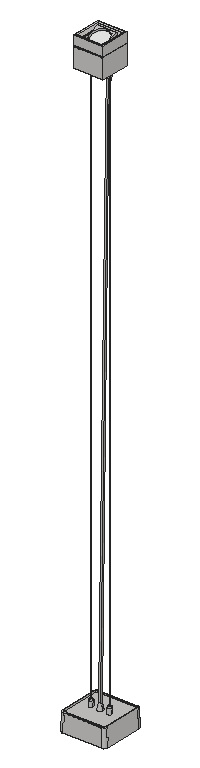
Revit family "Lighting-Luminii-Leto_44_P_A_SML new", category Lighting Fixtures, host Face, Revit 2020
Family settings
  Host = Face
  Round Connector Dimension = Use Diameter
  Part Type = Normal
  OmniClass Number = 23.80.70.11.14.11
  OmniClass Title = Downlights
  Cut with Voids When Loaded = No
  Light Source = Yes
  Shared = Yes
  Room Calculation Point = No
Parameters (values of type "Leto 44 P A SML")
  Width = 0' - 3 189/256"  # constant formula
  Wattage Comments = "6.5W"
  Wattage = 6.49954 W
  Warranty URL = "https://www.luminii.com/terms-conditions/"
  built-in parameter 1150110 = 1 (stored number, unit not read)
  Voltage Comments = "120V | 277V | 347V"  # constant formula
  Voltage = 120 V
  Version = "2020 - v1.0a"  # constant formula
  URL = "https://www.luminii.com/"
  built-in parameter 1114217 = 1 (stored number, unit not read)
  Tilt Angle = -90.00°  # constant formula
  built-in parameter 1150109 = 1 (stored number, unit not read)
  built-in parameter 1150134 = (empty or 0)
  built-in parameter 1150113 = 1 (stored number, unit not read)
  Support Phone = "224-699-9545"  # constant formula
  Support Email = "mailto:support@bimsmith.com"
  Product Page URL = "https://www.luminii.com/product/leto-44-p-a-sml/"
  Power Source Type = "Driver"  # constant formula
  Power Factor = 1
  Photometric Web File = "700A-A90-615-30-07-00.ies"
  Phase = 1
  Operating Temperature = "Consult Manufacturer Website for more Information"  # constant formula
  Number of Poles = if(and(or(Voltage = 120 V, Voltage = 277 V), Phase = 1), 1, if(and(or(Voltage = 208 V, Voltage = 240 V), Phase = 1), 2, if(and(or(Voltage = 208 V, Voltage = 240 V), Phase = 3), 3, if(and(Voltage > 300 V, Phase = 1), 2, if(and(Voltage > 400 V, Phase = 3), 3, 1)))))  # 1
  Mounting Method = "Ceiling Mount"  # constant formula
  Model = "700A"  # constant formula
  Manufacturer Phone Number = "403-216-7043"  # constant formula
  Manufacturer Email = "mailto: info@sensolighting.com"
  Manufacturer Address = "302 50 Ave SE. Calgary, Alberta, T2G 2A9 Canada"  # constant formula
  Manufacturer = "Luminii"  # constant formula
  built-in parameter 1150105 = 55.704 (stored number, unit not read)
  Lumens = 700 lm
  Luminaire Type = "Asymmetric LED Pendant Downlight"  # constant formula
  built-in parameter 1150115 = 1 (stored number, unit not read)
  Load Classification = Lighting
  built-in parameter 1150137 = (empty or 0)
  built-in parameter 1150139 = (empty or 0)
  Lens Material = Plastic - Luminii - Frosted Lens
  built-in parameter 1150112 = 1 (stored number, unit not read)
  built-in parameter 1150114 = 1 (stored number, unit not read)
  Lamp Life = 1
  Lamp = "LED"  # constant formula
  Keynote = "26 50 00"
  built-in parameter 1150132 = 2
  built-in parameter 1150102 = (empty or 0)
  built-in parameter 1150107 = 3500 (stored number, unit not read)
  Initial Color Comments = "Perfomance based on 3500K Photometric Web File"  # constant formula
  built-in parameter 1150138 = (empty or 0)
  built-in parameter 1150106 = 0.55704 (stored number, unit not read)
  Housing Protection Rating = "Consult Manufacturer Website for more Information"  # constant formula
  Height = 0' - 3 189/256"  # constant formula
  Has Dimming = 1 = 1  # yes
  Has Battery Backup = 0 = 1  # no
  Frequency Comments = ""  # constant formula
  Frequency = 60 Hz
  Finish = Metal - Luminii - Silver Anodized Aluminum
  Environment = "Indoor"  # constant formula
  built-in parameter 1150104 = 10.006 (stored number, unit not read)
  Dimming Type = "Consult Manufacturer Website for more Information"  # constant formula
  Dimming Lamp Color Temperature Shift = <None>
  Description = "Asymmetric LED Pendant Downlight"  # constant formula
  Depth = 0' - 3 189/256"  # constant formula
  Default Elevation = 0' - 0"  # constant formula
  Current Amps = 50 A
  Copyright = "©2024 Luminii"  # constant formula
  Control Zone = "Consult Manufacturer Website for more Information"  # constant formula
  Control Type = "Consult Manufacturer Website for more Information"  # constant formula
  Constraints = 1  # constant formula
  Color Filter = 16777215
  built-in parameter 1114216 [instance] = 0  # (empty or 0)
  Canopy Finish = Metal - Luminii - Silver Anodized Aluminum
  built-in parameter 1140040 [instance] = 1 = 1  # 1
  CCT = "3500K"
  C Canopy Offset [instance] = 0' - 2 9/32"  # constant formula
  Desired Cable Length [instance] = 6' - 0"
  built-in parameter 1114218 = 1 (stored number, unit not read)
  built-in parameter 1150133 = 10 (stored number, unit not read)
  Assembly Code = "D5020200"
  Apparent Load = Wattage / Power Factor  # 6.49954 VA
  Actual Cable Length [instance] = if(Desired Cable Length < 1' 0", 1' 0", if(Desired Cable Length > 8' 0", 8' 0", Desired Cable Length))  # 6' - 0"
Reference planes (in)
  plane 1 "Center (Front/Back)": y = 0
  plane 2: z = 0
  plane 3 "Center (Left/Right)": x = 0
  plane 4: x = 0
  plane 5: x = 0
  plane 6: y = 1.86914
  plane 7: y = -1.86914
  plane 8 "B": z = 2.28125
  plane 9 "A": z = 74.28125
  plane 10: z = 78.01953
Forms (in)
  Extrusion 1, solid, material "Metal - Luminii - Silver Anodized Aluminum", not visible
    sketch origin (0, 0, 0) x (1, 0, 0) y (0, 1, 0)
      loop
        circle (0, 0) r 0.5
    from 0 to -0.17225
  Blend 2, solid, material "Metal - Luminii - Silver Anodized Aluminum"
    base sketch origin (0, 0, 2.99287) x (-1, 0, 0) y (0, -1, 0)
      loop
        circle (0, 0) r 0.115
    top sketch origin (0, 0, 2.99287) x (-1, 0, 0) y (0, -1, 0)
      loop
        circle (0, -1.1811) r 0.115
    from 0 to 71.75019
Dimensions and locks (in)
  equal spacing: plane 4, plane 3 "Center (Left/Right)", plane 5
  equal spacing: plane 6, plane 1 "Center (Front/Back)", plane 7
  plane 4 to plane 5 = 0' - 0"
  "Width": plane 6 to plane 7
  "C Canopy Offset": plane 8 "B" to host face
  "Actual Cable Length": plane 9 "A" to plane 8 "B"
  "Height": plane 10 to plane 9 "A"
  locked: plane 10 to imposter light at 0.57739
  aligned and locked: plane 2 to host face
  aligned and locked: plane 3 "Center (Left/Right)" to Extrusion 1 sketch curve
  aligned and locked: plane 1 "Center (Front/Back)" to Extrusion 1 sketch curve
  aligned and locked: plane 2 to Extrusion 1  (x2)
  aligned and locked: imposter light to plane 3 "Center (Left/Right)"
  aligned and locked: imposter light to plane 1 "Center (Front/Back)"
  aligned and locked: plane 3 "Center (Left/Right)" to nested 1
  aligned and locked: plane 1 "Center (Front/Back)" to nested 1
  aligned and locked: plane 3 "Center (Left/Right)" to nested 2
  aligned and locked: nested 2 to plane 1 "Center (Front/Back)"
  aligned and locked: Blend 2 to nested 1
Automatic sketch dimensions
  host sketch curve to host sketch curve = 8' - 0"  (x2)
  radius of Extrusion 1 sketch curve = 0' - 0 1/2"
Nested families (in)
  nested 1: "Nested - Lamp" at (0, 0, 74.28125), type "Nested - Lamp"
  nested 2: "Nested - Canopy" at (0, 0, 0) x (0, 1, 0) z (0, 0, 1), type "Default"
Connectors (in)
  electrical at (0, 0, 0), driven by "Number of Poles", driven by "Load Classification", driven by "Voltage", driven by "Apparent Load", driven by "Power Factor"
    settings: on Extrusion 1, index 1, voltage 120 V, apparent load 6.49954 VA, apparent load phase1 0 VA, apparent load phase2 0 VA, apparent load phase3 0 VA, power factor 1, load classification "Lighting", number of poles 1, system type 30, power factor state 1, is connector primary yes, connector utility no, sub classification motor no, connector description "Power Connection"
Definition of nested family "Nested - Lamp"
  Parameters (values of type "Nested - Lamp")
    Width = 0' - 3.74016"  # constant formula
    Screen Material = none
    Inner Screen = none
    Height = 0' - 6.49606"  # constant formula
    Finish = none
    Default Elevation = 4' - 0"
    Constraint = 3
  Reference planes (in)
    plane 1 "Center (Front/Back)": y = 0
    plane 2: z = 0
    plane 3 "Center (Left/Right)": x = 0
    plane 4: y = 1.87008
    plane 5: y = -1.87008
    plane 6: x = -1.87008
    plane 7: x = 1.87008
  Forms (in)
    Extrusion 1, solid
      sketch origin (0, 0, 0) x (1, 0, 0) y (0, 1, 0)
        loop
          line (-48, 48) -> (-48, -48) -> (48, -48) -> (48, 48) -> (-48, 48)
      from 0 to -12
    Sweep 2, solid, material <- "Finish", detail levels medium+fine
      path origin (-0.03362, 1.25, 6.49606) x (0, 1, 0) y (-1, 0, 0)
        loop
          line (0.62008, -1.9037) -> (0.62008, 1.83645) -> (-3.12008, 1.83645) -> (-3.12008, -1.9037) -> (0.62008, -1.9037)
      profile origin (1.87008, 0, 6.49606) x (1, 0, 0) y (0, 0, 1)
        loop
          line (0, -6.49606) -> (0, -4.03543) -> (-0.07874, -4.03543) -> (-0.07874, -3.91732) -> (0, -3.91732) -> (0, -2.75591) -> (-0.10635, -2.75591) -> (-0.27543, -2.80657) -> (-0.47227, -3.14961) -> (-0.53051, -3.14961) -> (-0.54899, -3.3608)
          arc (-0.54899, -3.3608) -> (-0.57675, -3.3821) -> (-0.60039, -3.3563) r 0.0259
          line (-0.60039, -3.3563) -> (-0.63719, -3.09449) -> (-0.68091, -3.09449) -> (-0.72263, -3.1105) -> (-0.72263, -3.55097) -> (-0.21654, -3.55097) -> (-0.21654, -6.29921) -> (-0.07874, -6.29921) -> (-0.07874, -6.49606) -> (0, -6.49606)
    Extrusion 3, solid, material <- "Screen Material"
      sketch origin (0, 0.08395, 3.01723) x (1, 0, 0) y (0, 0.951057, 0.309017)
        loop
          circle (0, 0) r 1.10584
      from 0.14567 to 0.15757
    Extrusion 4, solid, material <- "Finish"
      sketch origin (1.59205, 1.40403, 4.10642) x (0, -0.951057, -0.309017) y (1, 0, 0)
        loop
          circle (1.59205, -1.59205) r 1.14745
        loop
          line (2.78122, -2.78122) -> (2.78122, -0.40289) -> (0.40289, -0.40289) -> (0.40289, -2.78122) -> (2.78122, -2.78122)
      from -0.48228 to -0.23031
    Extrusion 5, solid, material <- "Finish"
      sketch origin (1.59205, 1.40403, 4.10642) x (0, -0.951057, -0.309017) y (1, 0, 0)
        loop
          circle (1.59205, -1.59205) r 1.14745
      from -0.48228 to -0.62795
    Extrusion 6, solid, material <- "Finish"
      sketch origin (-0.03362, 1.25, 8.28705) x (0, 1, 0) y (-1, 0, 0)
        loop
          line (-3.06102, -1.84465) -> (0.56102, -1.84465) -> (0.56102, 1.7774) -> (-3.06102, 1.7774) -> (-3.06102, -1.84465)
        loop
          line (-2.4311, -0.30922) -> (-1.84055, -0.30922)
          arc (-1.84055, -0.30922) -> (-1.61784, -0.40147) -> (-1.52559, -0.62418) r 0.31496
          line (-1.52559, -0.62418) -> (-1.52559, -1.21473)
          arc (-1.52559, -1.21473) -> (-1.25, -1.49032) -> (-0.97441, -1.21473) r 0.27559
          line (-0.97441, -1.21473) -> (-0.97441, -0.62418)
          arc (-0.97441, -0.62418) -> (-0.88216, -0.40147) -> (-0.65945, -0.30922) r 0.31496
          line (-0.65945, -0.30922) -> (-0.0689, -0.30922)
          arc (-0.0689, -0.30922) -> (0.20669, -0.03362) -> (-0.0689, 0.24197) r 0.27559
          line (-0.0689, 0.24197) -> (-0.65945, 0.24197)
          arc (-0.65945, 0.24197) -> (-0.88216, 0.33422) -> (-0.97441, 0.55693) r 0.31496
          line (-0.97441, 0.55693) -> (-0.97441, 1.14748)
          arc (-0.97441, 1.14748) -> (-1.25, 1.42307) -> (-1.52559, 1.14748) r 0.27559
          line (-1.52559, 1.14748) -> (-1.52559, 0.55693)
          arc (-1.52559, 0.55693) -> (-1.61784, 0.33422) -> (-1.84055, 0.24197) r 0.31496
          line (-1.84055, 0.24197) -> (-2.4311, 0.24197)
          arc (-2.4311, 0.24197) -> (-2.70669, -0.03362) -> (-2.4311, -0.30922) r 0.27559
      from -8.1649 to -8.0902
    Extrusion 7, solid, material <- "Finish"
      sketch origin (-0.03362, 1.25, 8.28705) x (0, 1, 0) y (-1, 0, 0)
        loop
          line (-3.06102, -1.84465) -> (0.56102, -1.84465) -> (0.56102, 1.7774) -> (-3.06102, 1.7774) -> (-3.06102, -1.84465)
        loop
          arc (-0.48507, -0.44078) -> (-0.38346, -0.03362) -> (-0.48507, 0.37353) r 0.86654
          arc (-0.48507, 0.37353) -> (-0.58858, 0.40015) -> (-0.62431, 0.29942) r 0.07918
          arc (-0.62431, 0.29942) -> (-0.5412, -0.03362) -> (-0.62431, -0.36667) r 0.7088
          arc (-0.62431, -0.36667) -> (-0.58858, -0.4674) -> (-0.48507, -0.44078) r 0.07918
        loop
          arc (-2.01493, -0.44078) -> (-1.91142, -0.4674) -> (-1.87569, -0.36667) r 0.07918
          arc (-1.87569, -0.36667) -> (-1.9588, -0.03362) -> (-1.87569, 0.29942) r 0.7088
          arc (-1.87569, 0.29942) -> (-1.91142, 0.40015) -> (-2.01493, 0.37353) r 0.07918
          arc (-2.01493, 0.37353) -> (-2.11654, -0.03362) -> (-2.01493, -0.44078) r 0.86654
        loop
          arc (-1.65716, 0.73131) -> (-1.68378, 0.62779) -> (-1.58304, 0.59206) r 0.07918
          arc (-1.58304, 0.59206) -> (-1.25, 0.67518) -> (-0.91696, 0.59206) r 0.7088
          arc (-0.91696, 0.59206) -> (-0.81622, 0.62779) -> (-0.84284, 0.73131) r 0.07918
          arc (-0.84284, 0.73131) -> (-1.25, 0.83292) -> (-1.65716, 0.73131) r 0.86654
        loop
          arc (-1.65716, -0.79856) -> (-1.25, -0.90017) -> (-0.84284, -0.79856) r 0.86654
          arc (-0.84284, -0.79856) -> (-0.81622, -0.69504) -> (-0.91696, -0.65931) r 0.07918
          arc (-0.91696, -0.65931) -> (-1.25, -0.74243) -> (-1.58304, -0.65931) r 0.7088
          arc (-1.58304, -0.65931) -> (-1.68378, -0.69504) -> (-1.65716, -0.79856) r 0.07918
      from -7.77524 to -7.71544
    Revolve 8, solid
      sketch origin (0, 0, 0) x (1, 0, 0) y (0, 0, 1)
        loop
          line (-1.17126, -1.14219) -> (-1.0627, -1.14219) -> (-1.0627, -0.70819) -> (-0.97426, -0.70819) -> (-0.97426, 0.51181) -> (-1.17126, 0.51181) -> (-1.17126, -1.14219)
        axis (-1.17126, -1.14219) -> (-1.17126, 0.51181)
      angle from 0 to 360
    Revolve 9, solid
      sketch origin (0, 0, 0) x (-1, 0, 0) y (0, 0, 1)
        loop
          line (-1.17126, -1.14219) -> (-1.0627, -1.14219) -> (-1.0627, -0.70819) -> (-0.97426, -0.70819) -> (-0.97426, 0.51181) -> (-1.17126, 0.51181) -> (-1.17126, -1.14219)
        axis (-1.17126, -1.14219) -> (-1.17126, 0.51181)
      angle from 0 to 360
    Sweep 10, solid, material <- "Finish", detail levels coarse
      path origin (-0.03362, 1.25, 6.49606) x (0, 1, 0) y (-1, 0, 0)
        loop
          line (0.62008, -1.9037) -> (0.62008, 1.83645) -> (-3.12008, 1.83645) -> (-3.12008, -1.9037) -> (0.62008, -1.9037)
      profile origin (1.87008, 0, 6.49606) x (1, 0, 0) y (0, 0, 1)
        loop
          line (0, -6.49606) -> (0, -2.75591) -> (-0.10635, -2.75591) -> (-0.68091, -2.92809) -> (-0.68091, -3.55097) -> (-0.21654, -3.55097) -> (-0.21654, -6.29921) -> (-0.07874, -6.29921) -> (-0.07874, -6.49606) -> (0, -6.49606)
    Extrusion 11, solid
      sketch origin (-0.03362, 1.25, 0.51181) x (-1, 0, 0) y (0, 1, 0)
        loop
          circle (-0.03362, -0.0689) r 0.23
      from 0 to 0.05
  Lines and regions (in)
    reference lines
      curve 1: line (0, 0.09432, 3.27559) -> (0, -0.10491, 3.27559)
  Dimensions and locks (in)
    equal spacing: plane 4, plane 1 "Center (Front/Back)", plane 5
    "Width": plane 4 to plane 5
    equal spacing: plane 6, plane 3 "Center (Left/Right)", plane 7
    "Width": plane 6 to plane 7
    aligned and locked: plane 2 to Extrusion 1
    aligned and locked: level to Extrusion 1
    aligned and locked: Sweep 2 sketch curve to plane 7
    aligned and locked: plane 6 to Sweep 2 sketch curve
    aligned and locked: Sweep 2 sketch curve to plane 4
    aligned and locked: plane 5 to Sweep 2 sketch curve
  Automatic sketch dimensions
    Extrusion 1 sketch curve to Extrusion 1 sketch curve = 8' - 0"  (x2)
    profile plane to Sweep 2 sketch curve = 0' - 0"  (x2)
    Sweep 2 sketch curve to Sweep 2 sketch curve = 0' - 0.07874"  (x2)
    profile plane to Sweep 2 sketch curve = 0' - 0.21654"
    profile plane to Sweep 2 sketch curve = 0' - 0.27543"
    Sweep 2 sketch curve to Sweep 2 sketch curve = 0' - 0.19684"
    Sweep 2 sketch curve to Sweep 2 sketch curve = 0' - 0.05825"
    Sweep 2 sketch curve to Sweep 2 sketch curve = 0' - 0.01848"
    Sweep 2 sketch curve to Sweep 2 sketch curve = 0' - 0.0255"
    Sweep 2 sketch curve to Sweep 2 sketch curve = 0' - 0.0259"
    Sweep 2 sketch curve to Sweep 2 sketch curve = 0' - 0.10667"
    Sweep 2 sketch curve to Sweep 2 sketch curve = 0' - 0.04373"
    Sweep 2 sketch curve to Sweep 2 sketch curve = 0' - 0.12224"
    Sweep 2 sketch curve to profile plane = 0' - 6.49606"
    Sweep 2 sketch curve to Sweep 2 sketch curve = 0' - 0.19685"
    Sweep 2 sketch curve to Sweep 2 sketch curve = 0' - 2.26378"
    Sweep 2 sketch curve to Sweep 2 sketch curve = 0' - 0.11811"
    Sweep 2 sketch curve to Sweep 2 sketch curve = 0' - 0.36636"
    Sweep 2 sketch curve to Sweep 2 sketch curve = 0' - 0.19017"
    Sweep 2 sketch curve to Sweep 2 sketch curve = 0' - 0.21119"
    Sweep 2 sketch curve to Sweep 2 sketch curve = 0' - 0.0391"
    Sweep 2 sketch curve to Sweep 2 sketch curve = 0' - 0.01601"
    Sweep 2 sketch curve to Sweep 2 sketch curve = 0' - 0.34303"
    Sweep 2 sketch curve to Sweep 2 sketch curve = 0' - 0.05067"
    Sweep 2 sketch curve to Sweep 2 sketch curve = 0' - 0.10635"
    Extrusion 6 sketch curve to plane 3 "Center (Left/Right)" = 0' - 0"  (x2)
    plane 1 "Center (Front/Back)" to Extrusion 6 sketch curve = 0' - 0"  (x2)
    plane 1 "Center (Front/Back)" to Extrusion 6 sketch curve = 0' - 0.27559"  (x2)
    Extrusion 6 sketch curve to Extrusion 6 sketch curve = 0' - 0.31496"  (x4)
    plane 3 "Center (Left/Right)" to Extrusion 6 sketch curve = 0' - 0.27559"
    Extrusion 6 sketch curve to Extrusion 6 sketch curve = 0' - 0.59055"  (x4)
    Extrusion 6 sketch curve to plane 5 = 0' - 0.05906"
    Extrusion 6 sketch curve to plane 3 "Center (Left/Right)" = 0' - 0.27559"
    Extrusion 6 sketch curve to plane 4 = 0' - 0.05906"
    Extrusion 6 sketch curve to plane 7 = 0' - 0.05906"
    Extrusion 6 sketch curve to plane 6 = 0' - 0.05906"
    Extrusion 7 sketch curve to Extrusion 7 sketch curve = 0' - 0"  (x58)
    plane 1 "Center (Front/Back)" to Extrusion 7 sketch curve = 0' - 0"
    Extrusion 7 sketch curve to plane 3 "Center (Left/Right)" = 0' - 0"
    plane 1 "Center (Front/Back)" to Extrusion 7 sketch curve = 0' - 0.36388"  (x2)
    Extrusion 7 sketch curve to Extrusion 7 sketch curve = 0' - 0.33475"  (x8)
    Extrusion 7 sketch curve to plane 5 = 0' - 0.05906"
    Extrusion 7 sketch curve to plane 1 "Center (Front/Back)" = 0' - 0.36388"  (x2)
    plane 3 "Center (Left/Right)" to Extrusion 7 sketch curve = 0' - 0.36388"  (x2)
    Extrusion 7 sketch curve to plane 4 = 0' - 0.05906"
    Extrusion 7 sketch curve to plane 7 = 0' - 0.05906"
    Extrusion 7 sketch curve to plane 3 "Center (Left/Right)" = 0' - 0.36388"  (x2)
    Extrusion 7 sketch curve to plane 6 = 0' - 0.05906"
    Extrusion 7 sketch curve to Extrusion 7 sketch curve = 0' - 0.03084"  (x4)
    Extrusion 7 sketch curve to Extrusion 7 sketch curve = 0' - 0.04328"  (x4)
    Extrusion 7 sketch curve to Extrusion 7 sketch curve = 0' - 0.07293"  (x6)
    Extrusion 7 sketch curve to Extrusion 7 sketch curve = 0' - 0.06631"  (x2)
    Revolve 8 sketch curve to plane 6 = 0' - 0.69882"
    Revolve 8 sketch curve to Revolve 8 sketch curve = 0' - 0.10856"
    Revolve 8 sketch curve to Revolve 8 sketch curve = 0' - 0.197"
    Revolve 8 sketch curve to level = 0' - 1.14219"
    Revolve 8 sketch curve to Revolve 8 sketch curve = 0' - 0.434"
    level to Revolve 8 sketch curve = 0' - 0.51181"
    Revolve 8 sketch curve to Revolve 8 sketch curve = 0' - 0"  (x2)
    Revolve 8 sketch curve to Revolve 8 sketch curve = 0' - 0.81454"
    plane 7 to Revolve 9 sketch curve = 0' - 0.69882"
    Revolve 9 sketch curve to Revolve 9 sketch curve = 0' - 0.10856"
    Revolve 9 sketch curve to Revolve 9 sketch curve = 0' - 0.197"
    level to Revolve 9 sketch curve = 0' - 1.14219"
    Revolve 9 sketch curve to Revolve 9 sketch curve = 0' - 0.434"
    Revolve 9 sketch curve to level = 0' - 0.51181"
    Revolve 9 sketch curve to Revolve 9 sketch curve = 0' - 0"  (x2)
    Revolve 9 sketch curve to Revolve 9 sketch curve = 0' - 0.81454"
    plane 5 to Sweep 10 sketch curve = 0' - 0"
    Sweep 10 sketch curve to plane 4 = 0' - 0"
    Sweep 10 sketch curve to plane 7 = 0' - 0"
    Sweep 10 sketch curve to plane 6 = 0' - 0"
    profile plane to Sweep 10 sketch curve = 0' - 0"
    profile plane to Sweep 10 sketch curve = 0' - 0.07874"
    Sweep 10 sketch curve to Sweep 10 sketch curve = 0' - 0.1378"
    profile plane to Sweep 10 sketch curve = 0' - 0.68091"
    Sweep 10 sketch curve to profile plane = 0' - 6.49606"
    Sweep 10 sketch curve to Sweep 10 sketch curve = 0' - 0.19685"
    Sweep 10 sketch curve to Sweep 10 sketch curve = 0' - 2.74825"
    Sweep 10 sketch curve to Sweep 10 sketch curve = 0' - 0.62288"
    Sweep 10 sketch curve to Sweep 10 sketch curve = 0' - 0.17218"
    Sweep 10 sketch curve to Sweep 10 sketch curve = 0' - 0.10635"
    Extrusion 7 to Extrusion 11 sketch curve = 0' - 0.62992"
    Extrusion 7 to Extrusion 11 sketch curve = 0' - 1.81102"
    plane 1 "Center (Front/Back)" to curve 1 = 0' - 0.10491"
    level to curve 1 = 0' - 3.27559"
    curve 1 to plane 1 "Center (Front/Back)" = 0' - 0.09432"
    Extrusion 3 sketch curve to plane 3 "Center (Left/Right)" = 0' - 0"
    Extrusion 4 sketch curve to plane 3 "Center (Left/Right)" = 0' - 0"
    Extrusion 4 sketch curve to plane 7 = 0' - 0.68091"
    Extrusion 4 sketch curve to Extrusion 4 sketch curve = 0' - 1.18916"  (x2)
    Extrusion 4 sketch curve to plane 6 = 0' - 0.68091"
    Extrusion 5 sketch curve to plane 3 "Center (Left/Right)" = 0' - 0"
    radius of Extrusion 11 sketch curve = 0' - 0.23"
    radius of Extrusion 3 sketch curve = 0' - 1.10584"
    radius of Extrusion 4 sketch curve = 0' - 1.14745"
    radius of Extrusion 5 sketch curve = 0' - 1.14745"
Definition of nested family "Nested - Canopy"
  Parameters (values of type "Default")
    Square Canopy = no
    Round Canopy = yes
    Finish = none
    Feed Cable = 0' - 0.23"  # constant formula
    Default Elevation = 0' - 0"
    Cable Length = 6' - 0"
    Base = 0' - 5.67117"
    Aircraft Cable = 0' - 0.05"  # constant formula
  Reference planes (in)
    plane 1 "Center (Front/Back)": y = 0
    plane 2: z = 0
    plane 3 "Center (Left/Right)": x = 0
    plane 4: z = 74.28346
    plane 5: z = 2.28346
    plane 6: x = 2.83559
    plane 7: x = -2.83559
    plane 8: y = -2.83559
    plane 9: y = 2.83559
  Forms (in)
    Sweep 1, solid, material <- "Finish", detail levels medium+fine
      path origin (0, 0, 0) x (1, 0, 0) y (0, 1, 0)
        loop
          arc (-2.41835, 2.83559) -> (-2.71338, 2.71338) -> (-2.83559, 2.41835) r 0.41723
          line (-2.83559, 2.41835) -> (-2.83559, -2.41878)
          arc (-2.83559, -2.41878) -> (-2.71351, -2.71351) -> (-2.41878, -2.83559) r 0.4168
          line (-2.41878, -2.83559) -> (2.41578, -2.83559)
          arc (2.41578, -2.83559) -> (2.71263, -2.71263) -> (2.83559, -2.41578) r 0.41981
          line (2.83559, -2.41578) -> (2.83559, 2.41269)
          arc (2.83559, 2.41269) -> (2.71172, 2.71172) -> (2.41269, 2.83559) r 0.42289
          line (2.41269, 2.83559) -> (-2.41835, 2.83559)
      profile origin (-0.00283, 2.83559, 0) x (0, 1, 0) y (0, 0, 1)
        loop
          line (0, 0) -> (-0.07854, 2.24916)
          arc (-0.07854, 2.24916) -> (-0.08859, 2.27342) -> (-0.11284, 2.28346) r 0.0343
          line (-0.11284, 2.28346) -> (-0.22278, 2.28346) -> (-0.22278, 0) -> (0, 0)
    Extrusion 2, solid, material <- "Finish", detail levels medium+fine
      sketch origin (0, 0, 0) x (1, 0, 0) y (0, 1, 0)
        loop
          arc (-2.41835, 2.6128) -> (-2.55585, 2.55585) -> (-2.6128, 2.41835) r 0.19445
          line (-2.6128, 2.41835) -> (-2.6128, -2.41878)
          arc (-2.6128, -2.41878) -> (-2.55597, -2.55597) -> (-2.41878, -2.6128) r 0.19402
          line (-2.41878, -2.6128) -> (2.41578, -2.6128)
          arc (2.41578, -2.6128) -> (2.55509, -2.55509) -> (2.6128, -2.41578) r 0.19702
          line (2.6128, -2.41578) -> (2.6128, 2.41269)
          arc (2.6128, 2.41269) -> (2.55419, 2.55419) -> (2.41269, 2.6128) r 0.20011
          line (2.41269, 2.6128) -> (-2.41835, 2.6128)
      from 0 to 2.20472
    Revolve 3, solid, detail levels medium+fine
      sketch origin (0, -0.60039, 0) x (0, 1, 0) y (0, 0, 1)
        loop
          line (2.02756, 2.20472) -> (2.02756, 2.80697) -> (1.93924, 2.80697) -> (1.93924, 3.00382) -> (1.77165, 3.00382) -> (1.77165, 2.20472) -> (2.02756, 2.20472)
        axis (1.77165, 2.20472) -> (1.77165, 3.00382)
      angle from 0 to 360
    Revolve 4, solid, detail levels medium+fine
      sketch origin (0, 0.60039, 0) x (0, -1, 0) y (0, 0, 1)
        loop
          line (2.02756, 2.20472) -> (2.02756, 2.80697) -> (1.93924, 2.80697) -> (1.93924, 3.00382) -> (1.77165, 3.00382) -> (1.77165, 2.20472) -> (2.02756, 2.20472)
        axis (1.77165, 2.20472) -> (1.77165, 3.00382)
      angle from 0 to 360
    Revolve 5, solid, detail levels medium+fine
      sketch origin (0, 0, 0) x (0, 1, 0) y (0, 0, 1)
        loop
          line (0, 2.99287) -> (0, 2.20472) -> (0.29574, 2.20472) -> (0.17677, 2.99287) -> (0, 2.99287)
        axis (0, 2.99287) -> (0, 2.20472)
      angle from 0 to 360
    Extrusion 6, solid, material <- "Finish", detail levels coarse
      sketch origin (0, 0, 0) x (1, 0, 0) y (0, 1, 0)
        loop
          line (-2.83559, 2.83559) -> (-2.83559, -2.83559) -> (2.83559, -2.83559) -> (2.83559, 2.83559) -> (-2.83559, 2.83559)
      from 0 to 2.28346
    Revolve 7, solid, detail levels coarse
      sketch origin (0, -0.60039, 0) x (0, 1, 0) y (0, 0, 1)
        loop
          line (2.02756, 2.28346) -> (2.02756, 2.80697) -> (1.93924, 2.80697) -> (1.93924, 3.00382) -> (1.77165, 3.00382) -> (1.77165, 2.28346) -> (2.02756, 2.28346)
        axis (1.77165, 2.28346) -> (1.77165, 3.00382)
      angle from 0 to 360
    Revolve 8, solid, detail levels coarse
      sketch origin (0, 0.60039, 0) x (0, -1, 0) y (0, 0, 1)
        loop
          line (2.02756, 2.28346) -> (2.02756, 2.80697) -> (1.93924, 2.80697) -> (1.93924, 3.00382) -> (1.77165, 3.00382) -> (1.77165, 2.28346) -> (2.02756, 2.28346)
        axis (1.77165, 2.28346) -> (1.77165, 3.00382)
      angle from 0 to 360
    Revolve 9, solid, detail levels coarse
      sketch origin (0, 0, 0) x (0, 1, 0) y (0, 0, 1)
        loop
          line (0, 2.99287) -> (0, 2.28346) -> (0.28386, 2.28346) -> (0.17677, 2.99287) -> (0, 2.99287)
        axis (0, 2.99287) -> (0, 2.28346)
      angle from 0 to 360
    Extrusion 10, solid
      sketch origin (0, 0, 0) x (1, 0, 0) y (0, 1, 0)
        loop
          circle (0, 1.17126) r 0.025
        loop
          circle (0, -1.17126) r 0.025
      from 3.00382 to 74.28346
  Dimensions and locks (in)
    "Cable Length": plane 5 to plane 4
    equal spacing: plane 7, plane 3 "Center (Left/Right)", plane 6
    equal spacing: plane 9, plane 1 "Center (Front/Back)", plane 8
    "Base": plane 9 to plane 8
    "Base": plane 7 to plane 6
    aligned and locked: plane 2 to level
    aligned and locked: Sweep 1 sketch curve to plane 9
    aligned and locked: Sweep 1 sketch curve to plane 7
    aligned and locked: Sweep 1 sketch curve to plane 8
    aligned and locked: Sweep 1 sketch curve to plane 6
    aligned and locked: Extrusion 6 sketch curve to plane 9
    aligned and locked: Extrusion 6 sketch curve to plane 7
    aligned and locked: Extrusion 6 sketch curve to plane 8
    aligned and locked: Extrusion 6 sketch curve to plane 6
    aligned and locked: Extrusion 10 to Revolve 3
    aligned and locked: plane 4 to Extrusion 10
  Automatic sketch dimensions
    Sweep 1 sketch curve to plane 7 = 0' - 0.4168"
    Sweep 1 sketch curve to plane 7 = 0' - 0.41723"
    Sweep 1 sketch curve to Sweep 1 sketch curve = 0' - 0.42289"
    Sweep 1 sketch curve to plane 6 = 0' - 0.41981"
    Sweep 1 sketch curve to level = 0' - 0"
    Sweep 1 sketch curve to profile plane = 0' - 0"
    profile plane to Sweep 1 sketch curve = 0' - 0.07854"
    Sweep 1 sketch curve to Sweep 1 sketch curve = 0' - 0.0343"
    profile plane to Sweep 1 sketch curve = 0' - 0.22278"
    level to Sweep 1 sketch curve = 0' - 2.24916"
    Extrusion 2 sketch curve to plane 7 = 0' - 0.22278"
    Extrusion 2 sketch curve to plane 8 = 0' - 0.22278"
    Extrusion 2 sketch curve to Extrusion 2 sketch curve = 0' - 0.19402"
    Extrusion 2 sketch curve to plane 9 = 0' - 0.22278"
    Extrusion 2 sketch curve to Extrusion 2 sketch curve = 0' - 0.19445"
    Extrusion 2 sketch curve to plane 6 = 0' - 0.42289"
    Extrusion 2 sketch curve to plane 6 = 0' - 0.41981"
    Extrusion 2 sketch curve to Extrusion 2 sketch curve = 0' - 0.19702"
    plane 5 to Revolve 3 sketch curve = 0' - 0.07874"
    Revolve 3 sketch curve to plane 9 = 0' - 1.66433"
    Revolve 3 sketch curve to Revolve 3 sketch curve = 0' - 0.16759"
    Revolve 3 sketch curve to Revolve 3 sketch curve = 0' - 0.08831"
    Revolve 3 sketch curve to plane 5 = 0' - 0.5235"
    Revolve 3 sketch curve to Revolve 3 sketch curve = 0' - 0.19685"
    Revolve 3 sketch curve to Revolve 3 sketch curve = 0' - 0"  (x2)
    Revolve 3 sketch curve to Revolve 3 sketch curve = 0' - 0.11398"
    Revolve 4 sketch curve to plane 5 = 0' - 0.07874"
    plane 8 to Revolve 4 sketch curve = 0' - 1.66433"
    Revolve 4 sketch curve to Revolve 4 sketch curve = 0' - 0.16759"
    Revolve 4 sketch curve to Revolve 4 sketch curve = 0' - 0.08831"
    plane 5 to Revolve 4 sketch curve = 0' - 0.5235"
    Revolve 4 sketch curve to Revolve 4 sketch curve = 0' - 0.19685"
    Revolve 4 sketch curve to Revolve 4 sketch curve = 0' - 0"  (x2)
    Revolve 4 sketch curve to Revolve 4 sketch curve = 0' - 0.11398"
    Revolve 5 sketch curve to plane 1 "Center (Front/Back)" = 0' - 0"  (x2)
    Revolve 5 sketch curve to Revolve 5 sketch curve = 0' - 0.17677"
    plane 5 to Revolve 5 sketch curve = 0' - 0.07874"
    Revolve 5 sketch curve to plane 1 "Center (Front/Back)" = 0' - 0.29574"
    Revolve 5 sketch curve to plane 5 = 0' - 0.70941"
    Revolve 5 sketch curve to Revolve 5 sketch curve = 0' - 0.15349"
    Revolve 5 sketch curve to Revolve 5 sketch curve = 0' - 0 1/4"
    plane 5 to Revolve 7 sketch curve = 0' - 0"
    Revolve 7 sketch curve to plane 9 = 0' - 1.66433"
    Revolve 7 sketch curve to Revolve 7 sketch curve = 0' - 0.16759"
    Revolve 7 sketch curve to Revolve 7 sketch curve = 0' - 0.08831"
    Revolve 7 sketch curve to plane 5 = 0' - 0.5235"
    Revolve 7 sketch curve to Revolve 7 sketch curve = 0' - 0.19685"
    Revolve 7 sketch curve to Revolve 7 sketch curve = 0' - 0"  (x2)
    Revolve 7 sketch curve to Revolve 7 sketch curve = 0' - 0.11398"
    Revolve 9 sketch curve to plane 1 "Center (Front/Back)" = 0' - 0"  (x2)
    plane 5 to Revolve 9 sketch curve = 0' - 0"
    Revolve 9 sketch curve to Revolve 9 sketch curve = 0' - 0.17677"
    Revolve 9 sketch curve to plane 1 "Center (Front/Back)" = 0' - 0.28386"
    Revolve 9 sketch curve to Revolve 9 sketch curve = 0' - 0.70941"
    Revolve 9 sketch curve to Revolve 9 sketch curve = 0' - 0.15349"
    Revolve 9 sketch curve to Revolve 9 sketch curve = 0' - 0 1/4"
    plane 5 to Revolve 8 sketch curve = 0' - 0"
    plane 8 to Revolve 8 sketch curve = 0' - 1.66433"
    Revolve 8 sketch curve to Revolve 8 sketch curve = 0' - 0.16759"
    Revolve 8 sketch curve to Revolve 8 sketch curve = 0' - 0.08831"
    Revolve 8 sketch curve to Revolve 8 sketch curve = 0' - 0.5235"
    Revolve 8 sketch curve to Revolve 8 sketch curve = 0' - 0.19685"
    Revolve 8 sketch curve to Revolve 8 sketch curve = 0' - 0"  (x2)
    Revolve 8 sketch curve to Revolve 8 sketch curve = 0' - 0.11398"
    Extrusion 10 sketch curve to plane 3 "Center (Left/Right)" = 0' - 0"  (x2)
    Extrusion 10 sketch curve to plane 8 = 0' - 1.66433"
    Extrusion 10 sketch curve to plane 9 = 0' - 1.66433"
    radius of Extrusion 10 sketch curve = 0' - 0.025"  (x2)
